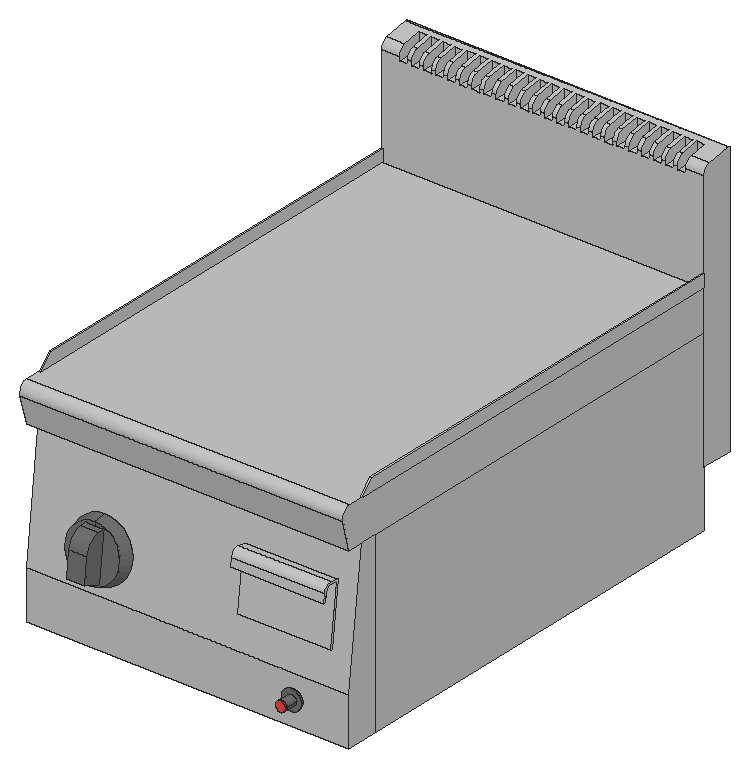
Revit family "QF_GIORIK_LGG4930", category Specialty Equipment, Revit 2014
Parameters (values of type "LGG4930")
  Weight in Pounds = 90.3894
  URL Cutsheet = "www.giorik.com"
  URL = "www.giorik.com"
  Status [instance] = ""
  Specification by User [instance] = ""
  Specification by Manufacturer = ""
  Show Logo [instance] = yes
  Show Clearance [instance] = yes
  Serial Number = ""
  Seismic Rating = ""
  SMACNA No = ""
  Revision Code [instance] = ""
  NAFEM Spec ID Number = ""
  Model = "LGG4930"
  Mechanical Remarks [instance] = "Natural Gas"
  Mechanical Connection Type [instance] = ""
  Masterspec = ""
  Manufacturer = "GIORIK"
  Item Number [instance] = ""
  Installed By [instance] = ""
  Identify Quantity as Lot [instance] = no
  Gas Size = 1"
  Gas RI Height [instance] = 0 mm
  Gas KW = 4.6
  Gas Input = 4600 W
  Gas Connection Height [instance] = 45 mm
  Furnished By [instance] = ""
  Foodservice Equipment Identifier [instance] = yes
  Description = "GRIDDLE SMOOTH"
  CSI MasterFormat = ""
  Assembly Code = "E1090320"
Reference planes
  plane 1 "Back": y = 0
  plane 2: z = 0
  plane 3 "Left": x = 0
  plane 4 "Right": x = 400
  plane 5 "Front": y = -600
  plane 6 "Top": z = 430
Forms (mm)
  Extrusion 1, solid
    sketch origin (0, 1000, -580) x (0, 1, 0) y (0, 0, 1)
      loop
        line (-1040.007, 869.975) -> (-1589.445, 869.975)
        arc (-1589.445, 869.975) -> (-1598.171, 865.672) -> (-1600.069, 856.13) r 10.999
        line (-1600.069, 856.13) -> (-1590.388, 820) -> (-1040.007, 820) -> (-1040.007, 869.975)
    from 0 to 400
  Extrusion 2, solid
    sketch origin (0, 0, -560) x (0, 1, 0) y (0, 0, 1)
      loop
        line (-570.06, 849.975) -> (-40.007, 849.975) -> (-40.007, 865.387) -> (-554.648, 865.387) -> (-570.06, 849.975)
    from 0 to 1.85
  Extrusion 3, solid
    sketch origin (0, 0, -560) x (0, 1, 0) y (0, 0, 1)
      loop
        line (-40.007, 800) -> (-550, 800) -> (-550, 580) -> (-40.007, 580) -> (-40.007, 800)
    from 0 to 400
  Extrusion 4, solid
    sketch origin (0, 0, -560) x (0, 1, 0) y (0, 0, 1)
      loop
        line (-550, 800) -> (-570.5, 800) -> (-590, 640) -> (-590, 580) -> (-550, 580) -> (-550, 800)
    from 0 to 400
  Revolve 5, solid
    sketch origin (100.155, 0.456, -560.03) x (0, 1, 0) y (0, 0, 1)
      loop
        line (-598.03, 706.389) -> (-594.27, 737.013) -> (-609.648, 734.852) -> (-613.772, 701.269) -> (-581.482, 697.305) -> (-580.629, 704.252) -> (-598.03, 706.389)
      axis (-581.482, 697.305) -> (-613.772, 701.269)
    angle from 0 to 360
  Extrusion 6, solid
    sketch origin (398.094, 0, -560) x (0, 1, 0) y (0, 0, 1)
      loop
        line (-570.06, 849.975) -> (-40.007, 849.975) -> (-40.007, 865.387) -> (-554.648, 865.387) -> (-570.06, 849.975)
    from -0.15 to 1.906
  Extrusion 7, solid
    sketch origin (0, 0, -560) x (0, 1, 0) y (0, 0, 1)
      loop
        line (-40.007, 974.217) -> (-40.007, 650.827) -> (0, 650.827) -> (0, 988.42)
        arc (0, 988.42) -> (-0.57, 989.648) -> (-1.878, 990) r 1.6
        line (-1.878, 990) -> (-31.072, 984.852)
        arc (-31.072, 984.852) -> (-37.477, 981.162) -> (-40.007, 974.217) r 10.797
    from 0 to 400
  Extrusion 8, solid
    sketch origin (-62.831, 0.456, -560.03) x (0, 1, 0) y (0, 0, 1)
      loop
        line (-635.843, 711.553) -> (-639.647, 680.575) -> (-617.415, 671.593) -> (-610.135, 730.882) -> (-617.934, 729.786)
        arc (-617.934, 729.786) -> (-629.982, 723.708) -> (-635.843, 711.553) r 20.998
    from 151.831 to 173.831
  Extrusion 9, solid
    sketch origin (103.819, 0, -561) x (1, 0, 0) y (0, 0, 1)
      loop
        circle (-38.319, 606) r 12.5
    from 20.007 to 40.007
  Extrusion 10, void
    sketch origin (7.5, 0, 430) x (0, 1, 0) y (-1, 0, 0)
      loop
        line (-40.007, -25) -> (-9.931, -25) -> (-9.931, -15) -> (-40.007, -15) -> (-40.007, -25)
      loop
        line (-40.007, -40) -> (-9.931, -40) -> (-9.931, -30) -> (-40.007, -30) -> (-40.007, -40)
      loop
        line (-40.007, -55) -> (-9.931, -55) -> (-9.931, -45) -> (-40.007, -45) -> (-40.007, -55)
      loop
        line (-40.007, -70) -> (-9.931, -70) -> (-9.931, -60) -> (-40.007, -60) -> (-40.007, -70)
      loop
        line (-40.007, -85) -> (-9.931, -85) -> (-9.931, -75) -> (-40.007, -75) -> (-40.007, -85)
      loop
        line (-40.007, -100) -> (-9.931, -100) -> (-9.931, -90) -> (-40.007, -90) -> (-40.007, -100)
      loop
        line (-40.007, -115) -> (-9.931, -115) -> (-9.931, -105) -> (-40.007, -105) -> (-40.007, -115)
      loop
        line (-40.007, -130) -> (-9.931, -130) -> (-9.931, -120) -> (-40.007, -120) -> (-40.007, -130)
      loop
        line (-40.007, -145) -> (-9.931, -145) -> (-9.931, -135) -> (-40.007, -135) -> (-40.007, -145)
      loop
        line (-40.007, -160) -> (-9.931, -160) -> (-9.931, -150) -> (-40.007, -150) -> (-40.007, -160)
      loop
        line (-40.007, -175) -> (-9.931, -175) -> (-9.931, -165) -> (-40.007, -165) -> (-40.007, -175)
      loop
        line (-40.007, -190) -> (-9.931, -190) -> (-9.931, -180) -> (-40.007, -180) -> (-40.007, -190)
      loop
        line (-40.007, -205) -> (-9.931, -205) -> (-9.931, -195) -> (-40.007, -195) -> (-40.007, -205)
      loop
        line (-40.007, -220) -> (-9.931, -220) -> (-9.931, -210) -> (-40.007, -210) -> (-40.007, -220)
      loop
        line (-40.007, -235) -> (-9.931, -235) -> (-9.931, -225) -> (-40.007, -225) -> (-40.007, -235)
      loop
        line (-40.007, -250) -> (-9.931, -250) -> (-9.931, -240) -> (-40.007, -240) -> (-40.007, -250)
      loop
        line (-40.007, -265) -> (-9.931, -265) -> (-9.931, -255) -> (-40.007, -255) -> (-40.007, -265)
      loop
        line (-40.007, -280) -> (-9.931, -280) -> (-9.931, -270) -> (-40.007, -270) -> (-40.007, -280)
      loop
        line (-40.007, -295) -> (-9.931, -295) -> (-9.931, -285) -> (-40.007, -285) -> (-40.007, -295)
      loop
        line (-40.007, -310) -> (-9.931, -310) -> (-9.931, -300) -> (-40.007, -300) -> (-40.007, -310)
      loop
        line (-40.007, -325) -> (-9.931, -325) -> (-9.931, -315) -> (-40.007, -315) -> (-40.007, -325)
      loop
        line (-40.007, -340) -> (-9.931, -340) -> (-9.931, -330) -> (-40.007, -330) -> (-40.007, -340)
      loop
        line (-40.007, -355) -> (-9.931, -355) -> (-9.931, -345) -> (-40.007, -345) -> (-40.007, -355)
      loop
        line (-40.007, -370) -> (-9.931, -370) -> (-9.931, -360) -> (-40.007, -360) -> (-40.007, -370)
    from 0 to -20
  Extrusion 11, solid
    sketch origin (566.603, 15.293, -30) x (0, 1, 0) y (-1, 0, 0)
      loop
        circle (-79.293, 516.603) r 5
    from 41.965 to 50
  Revolve 12, solid
    sketch origin (50, 19.943, -600) x (0, 1, 0) y (0, 0, 1)
      loop
        line (-83.943, 611.965) -> (-94.752, 611.965) -> (-97.943, 600) -> (-83.943, 600) -> (-83.943, 611.965)
      axis (-83.943, 611.965) -> (-83.943, 600)
    angle from 0 to 360
  Extrusion 13, solid
    sketch origin (-166.603, 15.293, -30) x (0, 1, 0) y (-1, 0, 0)
      loop
        circle (-79.293, -516.603) r 5
    from 41.965 to 50
  Revolve 14, solid
    sketch origin (350, 19.943, -600) x (0, 1, 0) y (0, 0, -1)
      loop
        line (-83.943, -611.965) -> (-83.943, -600) -> (-97.943, -600) -> (-94.752, -611.965) -> (-83.943, -611.965)
      axis (-83.943, -611.965) -> (-83.943, -600)
    angle from 0 to 360
  Extrusion 15, solid
    sketch origin (566.603, -459.707, -30) x (0, 1, 0) y (-1, 0, 0)
      loop
        circle (-79.293, 516.603) r 5
    from 41.965 to 50
  Revolve 16, solid
    sketch origin (50, -455.057, -600) x (0, 1, 0) y (0, 0, 1)
      loop
        line (-83.943, 611.965) -> (-94.752, 611.965) -> (-97.943, 600) -> (-83.943, 600) -> (-83.943, 611.965)
      axis (-83.943, 611.965) -> (-83.943, 600)
    angle from 0 to 360
  Extrusion 17, solid
    sketch origin (-166.603, -459.707, -30) x (0, 1, 0) y (-1, 0, 0)
      loop
        circle (-79.293, -516.603) r 5
    from 41.965 to 50
  Revolve 18, solid
    sketch origin (350, -455.057, -600) x (0, 1, 0) y (0, 0, -1)
      loop
        line (-83.943, -611.965) -> (-83.943, -600) -> (-97.943, -600) -> (-94.752, -611.965) -> (-83.943, -611.965)
      axis (-83.943, -611.965) -> (-83.943, -600)
    angle from 0 to 360
  Extrusion 19, solid
    sketch origin (122.5, -693.138, -437.283) x (0, 0.992655, -0.12098) y (0, 0.12098, 0.992655)
      loop
        line (40, 640.1) -> (30, 640.1)
        arc (30, 640.1) -> (22.929, 637.171) -> (20, 630.1) r 10
        line (20, 630.1) -> (20, 620.1) -> (22, 620.1) -> (22, 630.1)
        arc (22, 630.1) -> (24.343, 635.757) -> (30, 638.1) r 8
        line (30, 638.1) -> (38, 638.1) -> (38, 565.1) -> (40, 565.1) -> (40, 640.1)
    from 137.5 to 252.5
  Extrusion 20, solid
    sketch origin (291.298, -565.586, -661.695) x (1, 0, 0) y (0, 0.001091, 0.999999)
      loop
        circle (38.702, 711.666) r 12.5
    from 25 to 27
  Extrusion 21, solid
    sketch origin (-434.91, -592.593, -668.088) x (1, 0, 0) y (0, 0.001091, 0.999999)
      loop
        circle (764.91, 718.089) r 6
    from 0 to 15
  Extrusion 22, solid
    sketch origin (-434.91, -593.755, -668.087) x (1, 0, 0) y (0, 0.001091, 0.999999)
      loop
        circle (764.91, 718.089) r 6
    from 13.838 to 15.838
Cuts and joins
  Extrusion 10 cuts Extrusion 7
Lines and regions (mm)
  symbolic lines, style "200-EquipBorder-2D"
    curve 1: line (400, 0, 0) -> (0, 0, 0)
    curve 2: line (0, 0, 0) -> (0, -600, 0)
    curve 80: line (400, -600, 430) -> (400, 0, 430)
    curve 81: line (400, -600, 430) -> (0, -600, 430)
    curve 82: line (324, -608.809, 430) -> (324, -600, 430)
    curve 83: line (324, -608.809, 430) -> (336, -608.809, 430)
    curve 84: line (336, -608.809, 430) -> (336, -600, 430)
    curve 85: spline (89, -617.202, 990) -> (85.789, -617.041, 990) -> (82.73, -616.841, 990) -> (79.856, -616.604, 990) -> (77.196, -616.332, 990) -> (74.779, -616.028, 990) -> (72.63, -615.696, 990) -> (70.772, -615.338, 990) -> (69.225, -614.96, 990) -> (68.004, -614.563, 990) -> (67.122, -614.154, 990) -> (66.59, -613.736, 990) -> (66.412, -613.313, 990)
    curve 86: spline (134.073, -613.408, 990) -> (133.819, -613.826, 990) -> (133.218, -614.239, 990) -> (132.275, -614.643, 990) -> (131.001, -615.033, 990) -> (129.408, -615.405, 990) -> (127.513, -615.755, 990) -> (125.336, -616.08, 990) -> (122.898, -616.376, 990) -> (120.227, -616.641, 990) -> (117.348, -616.871, 990) -> (114.293, -617.065, 990) -> (111.091, -617.219, 990)
    curve 87: line (66.412, -613.313, 990) -> (62.735, -600, 990)
    curve 88: line (134.073, -613.408, 990) -> (137.578, -600, 990)
    curve 89: line (89, -639.19, 430) -> (89, -609.679, 430)
    curve 90: line (89, -639.19, 430) -> (111, -639.19, 430)
    curve 91: line (111, -639.19, 430) -> (111, -609.679, 430)
    curve 92: spline (66.412, -613.313, 430) -> (67.564, -612.264, 430) -> (70.941, -611.286, 430) -> (76.314, -610.446, 430) -> (83.316, -609.802, 430) -> (91.47, -609.396, 430) -> (100.22, -609.258, 430) -> (108.97, -609.396, 430) -> (117.124, -609.802, 430) -> (124.126, -610.446, 430) -> (129.499, -611.286, 430) -> (132.877, -612.264, 430) -> (134.029, -613.313, 430)
    curve 93: line (89, -609.679, 430) -> (111, -609.679, 430)
  symbolic lines, style "200-EquipInternal-2D"
    curve 3: line (400, -40.007, 430) -> (0, -40.007, 430)
    curve 4: line (397.944, -570.06, 430) -> (400, -570.06, 430)
    curve 5: line (397.944, -40.007, 430) -> (397.944, -570.06, 430)
    curve 6: line (0, -570.06, 430) -> (1.85, -570.06, 430)
    curve 7: line (1.85, -570.06, 430) -> (1.85, -40.007, 430)
    curve 8: line (22.5, -9.931, 290) -> (22.5, -40.007, 290)
    curve 9: line (32.5, -40.007, 290) -> (32.5, -9.931, 290)
    curve 10: line (37.5, -9.931, 290) -> (37.5, -40.007, 290)
    curve 11: line (47.5, -40.007, 290) -> (47.5, -9.931, 290)
    curve 12: line (52.5, -9.931, 290) -> (52.5, -40.007, 290)
    curve 13: line (62.5, -40.007, 290) -> (62.5, -9.931, 290)
    curve 14: line (82.5, -9.931, 290) -> (82.5, -40.007, 290)
    curve 15: line (92.5, -40.007, 290) -> (92.5, -9.931, 290)
    curve 16: line (97.5, -9.931, 290) -> (97.5, -40.007, 290)
    curve 17: line (107.5, -40.007, 290) -> (107.5, -9.931, 290)
    curve 18: line (137.5, -40.007, 290) -> (137.5, -9.931, 290)
    curve 19: line (127.5, -9.931, 290) -> (127.5, -40.007, 290)
    curve 20: line (152.5, -40.007, 290) -> (152.5, -9.931, 290)
    curve 21: line (157.5, -9.931, 290) -> (157.5, -40.007, 290)
    curve 22: line (167.5, -40.007, 290) -> (167.5, -9.931, 290)
    curve 23: line (142.5, -9.931, 290) -> (142.5, -40.007, 290)
    curve 24: line (197.5, -40.007, 290) -> (197.5, -9.931, 290)
    curve 25: line (187.5, -9.931, 290) -> (187.5, -40.007, 290)
    curve 26: line (202.5, -9.931, 290) -> (202.5, -40.007, 290)
    curve 27: line (212.5, -40.007, 290) -> (212.5, -9.931, 290)
    curve 28: line (217.5, -9.931, 290) -> (217.5, -40.007, 290)
    curve 29: line (227.5, -40.007, 290) -> (227.5, -9.931, 290)
    curve 30: line (247.5, -9.931, 290) -> (247.5, -40.007, 290)
    curve 31: line (257.5, -40.007, 290) -> (257.5, -9.931, 290)
    curve 32: line (262.5, -9.931, 290) -> (262.5, -40.007, 290)
    curve 33: line (272.5, -40.007, 290) -> (272.5, -9.931, 290)
    curve 34: line (277.5, -9.931, 290) -> (277.5, -40.007, 290)
    curve 35: line (287.5, -40.007, 290) -> (287.5, -9.931, 290)
    curve 36: line (317.5, -40.007, 290) -> (317.5, -9.931, 290)
    curve 37: line (307.5, -9.931, 290) -> (307.5, -40.007, 290)
    curve 38: line (332.5, -40.007, 290) -> (332.5, -9.931, 290)
    curve 39: line (322.5, -9.931, 290) -> (322.5, -40.007, 290)
    curve 40: line (337.5, -9.931, 290) -> (337.5, -40.007, 290)
    curve 41: line (347.5, -40.007, 290) -> (347.5, -9.931, 290)
    curve 42: line (367.5, -9.931, 290) -> (367.5, -40.007, 290)
    curve 43: line (377.5, -40.007, 290) -> (377.5, -9.931, 290)
    curve 44: line (377.5, -9.931, 290) -> (367.5, -9.931, 290)
    curve 45: line (347.5, -9.931, 290) -> (337.5, -9.931, 290)
    curve 46: line (332.5, -9.931, 290) -> (322.5, -9.931, 290)
    curve 47: line (317.5, -9.931, 290) -> (307.5, -9.931, 290)
    curve 48: line (272.5, -9.931, 290) -> (262.5, -9.931, 290)
    curve 49: line (107.5, -9.931, 290) -> (97.5, -9.931, 290)
    curve 50: line (92.5, -9.931, 290) -> (82.5, -9.931, 290)
    curve 51: line (62.5, -9.931, 290) -> (52.5, -9.931, 290)
    curve 52: line (32.5, -9.931, 290) -> (22.5, -9.931, 290)
    curve 53: line (137.5, -9.931, 290) -> (127.5, -9.931, 290)
    curve 54: line (152.5, -9.931, 290) -> (142.5, -9.931, 290)
    curve 55: line (167.5, -9.931, 290) -> (157.5, -9.931, 290)
    curve 56: line (197.5, -9.931, 290) -> (187.5, -9.931, 290)
    curve 57: line (212.5, -9.931, 290) -> (202.5, -9.931, 290)
    curve 58: line (227.5, -9.931, 290) -> (217.5, -9.931, 290)
    curve 59: line (257.5, -9.931, 290) -> (247.5, -9.931, 290)
    curve 60: line (47.5, -9.931, 290) -> (37.5, -9.931, 290)
    curve 61: line (67.5, -9.931, 430) -> (67.5, -40.007, 430)
    curve 62: line (77.5, -40.007, 430) -> (77.5, -9.931, 430)
    curve 63: line (77.5, -9.931, 430) -> (67.5, -9.931, 430)
    curve 64: line (112.5, -9.931, 430) -> (112.5, -40.007, 430)
    curve 65: line (122.5, -40.007, 430) -> (122.5, -9.931, 430)
    curve 66: line (122.5, -9.931, 430) -> (112.5, -9.931, 430)
    curve 67: line (172.5, -9.931, 430) -> (172.5, -40.007, 430)
    curve 68: line (182.5, -40.007, 430) -> (182.5, -9.931, 430)
    curve 69: line (182.5, -9.931, 430) -> (172.5, -9.931, 430)
    curve 70: line (232.5, -9.931, 430) -> (232.5, -40.007, 430)
    curve 71: line (242.5, -40.007, 430) -> (242.5, -9.931, 430)
    curve 72: line (242.5, -9.931, 430) -> (232.5, -9.931, 430)
    curve 73: line (287.5, -9.931, 430) -> (277.5, -9.931, 430)
    curve 74: line (302.5, -9.931, 430) -> (292.5, -9.931, 430)
    curve 75: line (292.5, -9.931, 430) -> (292.5, -40.007, 430)
    curve 76: line (302.5, -40.007, 430) -> (302.5, -9.931, 430)
    curve 77: line (352.5, -9.931, 430) -> (352.5, -40.007, 430)
    curve 78: line (362.5, -40.007, 430) -> (362.5, -9.931, 430)
    curve 79: line (362.5, -9.931, 430) -> (352.5, -9.931, 430)
Dimensions and locks
  plane 3 "Left" to plane 4 "Right" = 400 mm
  plane 5 "Front" to plane 1 "Back" = 600 mm
  plane 4 "Right" to plane 3 "Left" = 400 mm
  plane 1 "Back" to plane 5 "Front" = 600 mm
  plane 6 "Top" to level = 430 mm  (x2)
  aligned and locked: level to plane 2
Connectors
  piping at (65.5, -20.007, 45), diameter 25.4, driven by "Gas Size"
    settings: on Extrusion 9, index 1, connector inside diameter 24", connector length 0 mm, flow factor 0, pipe flow 0.0 L/s, pressure drop 0.0 Pa, fitting loss kfactor 0, connector angle 0.00°, fixture units 0, engagement length 0 mm, angle of deflection 0.00°, flow configuration 1, flow direction 1, fitting loss method 0, system type 22, joint type 0, gender type 0, connector reference index -1, connector utility 0, adjustable connector no, is connector primary yes, connector description "Gas inlet"
